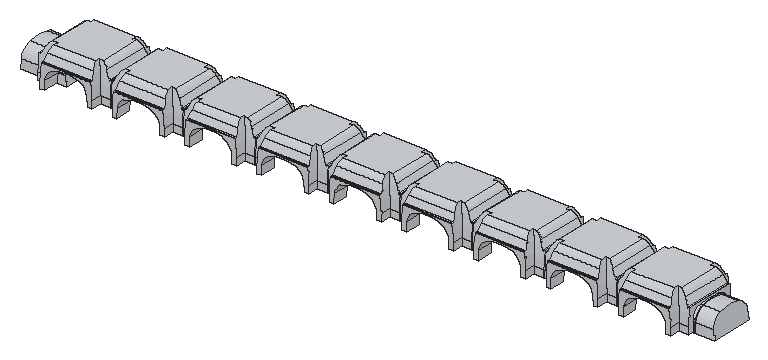
Revit family "LineaSingola_Assieme Modulblock H13-40", category Modelli generici, Revit 2016 (continued)
Definition of nested family "Geoblock Modulo H13-H70"
  Types (15, lengths in mm): name | Peso | Offset_inf | Larghezza_modulo | Largh_sup | L_modulo | L2_imballo | L1_imballo | Ingombro_Geoblock | H_modulo | H_imballo | Consumo_CLS | Codice
    EMOGBLO0017 - GEOBLOCK MODULO H17 | 0.68 kg | 87 | 500 | 290 | 320 | 120 | 110 | 0 | 170 | 190 | 0.00 m³ | "EMOGBLO0017"
    EMOGBLO0020 - GEOBLOCK MODULO H20 | 0.77 kg | 87 | 500 | 290 | 320 | 120 | 110 | 0 | 200 | 195 | 0.00 m³ | "EMOGBLO0020"
    EMOGBLO0025 - GEOBLOCK MODULO H25 | 0.99 kg | 87 | 500 | 290 | 320 | 120 | 110 | 0 | 250 | 195 | 0.00 m³ | "EMOGBLO0025"
    EMOGBLO0027 - GEOBLOCK MODULO H27 | 1.10 kg | 87 | 500 | 290 | 320 | 120 | 115 | 0 | 270 | 200 | 0.00 m³ | "EMOGBLO0027"
    EMOGBLO0030 - GEOBLOCK MODULO H30 | 1.19 kg | 87 | 500 | 290 | 320 | 120 | 115 | 0 | 300 | 200 | 0.00 m³ | "EMOGBLO0030"
    EMOGBLO0035 - GEOBLOCK MODULO H35 | 1.43 kg | 87 | 500 | 290 | 320 | 120 | 115 | 0 | 350 | 210 | 0.00 m³ | "EMOGBLO0035"
    EMOGBLO0040 - GEOBLOCK MODULO H40 | 1.54 kg | 87 | 500 | 290 | 320 | 130 | 120 | 0 | 400 | 210 | 0.00 m³ | "EMOGBLO0040"
    EMOGBLO0045 - GEOBLOCK MODULO H45 | 2.62 kg | 100 | 710 | 330 | 460 | 120 | 100 | 0 | 450 | 220 | 0.00 m³ | "EMOGBLO0045"
    EMOGBLO0050 - GEOBLOCK MODULO H50 | 2.86 kg | 87 | 710 | 330 | 460 | 120 | 100 | 0 | 500 | 225 | 0.00 m³ | "EMOGBLO0050"
    EMOGBLO0055 - GEOBLOCK MODULO H55 | 3.56 kg | 87 | 710 | 330 | 460 | 120 | 106 | 0 | 550 | 230 | 0.00 m³ | "EMOGBLO0055"
    EMOGBLO0060 - GEOBLOCK MODULO H60 | 3.64 kg | 87 | 710 | 330 | 460 | 120 | 106 | 0 | 600 | 240 | 0.00 m³ | "EMOGBLO0060"
    EMOGBLO0065 - GEOBLOCK MODULO H65 | 4.07 kg | 87 | 710 | 330 | 460 | 120 | 110 | 0 | 650 | 240 | 0.00 m³ | "EMOGBLO0065"
    EMOGBLO0070 - GEOBLOCK MODULO H70 | 4.18 kg | 87 | 710 | 330 | 460 | 120 | 110 | 15 | 700 | 245 | 0.0037275 m³ | "EMOGBLO0070"
  Reference planes
    plane 1 "Centro (Fronte/Retro)": y = 0
    plane 2: z = 0
    plane 3 "Centro (Sinistra/Destra)": x = 0
    plane 4: x = -230
    plane 5: y = 355
    plane 6: x = 230
    plane 7: y = -355
    plane 8 "Top": z = 700
    plane 9: z = 515
    plane 10: z = 610
    plane 11: z = 595
    plane 12: y = -165
    plane 13: y = -93
    plane 14: y = 93
    plane 15: y = 165
    plane 16: y = -268
    plane 17: y = 268
    plane 18: z = 250
    plane 19: z = -100
    plane 20: z = -750
  Forms (mm)
    Extrusion 1, solid
      sketch origin (0, 0, 0) x (0, 1, 0) y (0, 0, 1)
        loop
          line (-165, 515) -> (-268, -100) -> (268, -100) -> (165, 515)
          arc (165, 515) -> (139.675, 564.608) -> (93, 595) r 108
          arc (93, 595) -> (0, 609.835) -> (-93, 595) r 298.926
          arc (-93, 595) -> (-139.675, 564.608) -> (-165, 515) r 108
      from -230 to 230
    Extrusion 2, void
      sketch origin (0, 0, 0) x (1, 0, 0) y (0, 0, 1)
        loop
          line (168.758, 700) -> (230, 0) -> (230, 700) -> (168.758, 700)
      from -355 to 355
    Extrusion 3, void
      sketch origin (0, 0, 0) x (-1, 0, 0) y (0, 0, -1)
        loop
          line (168.758, -700) -> (230, -700) -> (230, 0) -> (168.758, -700)
      from -355 to 355
    Extrusion 4, void
      sketch origin (0, 0, 0) x (0, 1, 0) y (0, 0, 1)
        loop
          line (-355, 0) -> (-355, -750) -> (355, -750) -> (355, 0) -> (-355, 0)
      from -230 to 230
  Cuts and joins
    Extrusion 2, Extrusion 3, Extrusion 4 cuts Extrusion 1
  Dimensions and locks
    equal spacing: plane 5, plane 1 "Centro (Fronte/Retro)", plane 7
    equal spacing: plane 4, plane 3 "Centro (Sinistra/Destra)", plane 6
    "L_modulo": plane 4 to plane 6
    locked: plane 8 "Top" to plane 9 at 185
    locked: plane 10 to plane 9 at 95
    locked: plane 11 to plane 9 at 80
    equal spacing: plane 12, plane 1 "Centro (Fronte/Retro)", plane 15
    locked: plane 14 to plane 15 at 72
    locked: plane 12 to plane 13 at 72
    "Offset_inf": plane 7 to plane 16
    "Offset_inf": plane 17 to plane 5
    "H_modulo": plane 8 "Top" to level
    locked: plane 10 to plane 19 at 710
    locked: level to plane 20 at 750
    "Largh_sup": plane 12 to plane 15
    "Larghezza_modulo": plane 7 to plane 5
    radius of Extrusion 1 sketch curve = 298.926 mm
    locked: Extrusion 2 sketch curve to Extrusion 1 (angle 85.00°)
    locked: level to Extrusion 3 sketch curve (angle 85.00°)
    aligned and locked: level to plane 2
    aligned and locked: plane 12 to Extrusion 1 sketch curve
    aligned and locked: plane 9 to Extrusion 1 sketch curve  (x2)
    aligned and locked: plane 13 to Extrusion 1 sketch curve
    aligned and locked: plane 11 to Extrusion 1 sketch curve  (x2)
    aligned and locked: plane 14 to Extrusion 1 sketch curve
    aligned and locked: plane 15 to Extrusion 1 sketch curve
    aligned and locked: plane 17 to Extrusion 1 sketch curve
    aligned and locked: plane 16 to Extrusion 1 sketch curve
    aligned and locked: Extrusion 1 sketch curve to plane 19
    aligned and locked: Extrusion 2 sketch curve to plane 8 "Top"
    aligned and locked: Extrusion 2 sketch curve to plane 6
    aligned and locked: Extrusion 2 to plane 7
    aligned and locked: plane 5 to Extrusion 2
    aligned and locked: plane 8 "Top" to Extrusion 3 sketch curve
    aligned and locked: Extrusion 3 sketch curve to plane 4
    aligned and locked: level to Extrusion 3 sketch curve
    aligned and locked: level to Extrusion 2 sketch curve
    aligned and locked: plane 6 to Extrusion 1
    aligned and locked: Extrusion 1 to plane 4
    aligned and locked: Extrusion 4 sketch curve to level
    aligned and locked: Extrusion 4 sketch curve to plane 7
    aligned and locked: plane 20 to Extrusion 4 sketch curve
    aligned and locked: Extrusion 4 sketch curve to plane 5
    aligned and locked: Extrusion 4 to plane 4
    aligned and locked: plane 6 to Extrusion 4
  Automatic sketch dimensions
    Extrusion 1 sketch curve to plane 11 = 0 mm  (x2)
Definition of nested family "Fermagetto_Modulo"
  Parameters (values of type "EMOFGET0040 - FERMAGETTO MODULO H40")
    Peso = 0.00 kg
    L_modulo = 500 mm  # constant formula
    L2_imballo = 0 mm
    L1_imballo = 0 mm
    H_modulo = 400 mm
    H_imballo = 0 mm
    Descrizione_listino = ""
    Codice = "EMOFGET0040"
  Types (9, lengths in mm): name | H_modulo | Codice
    EMOFGET0013 - FERMAGETTO MODULO H13 | 130 | "EMOFGET0013"
    EMOFGET0015 - FERMAGETTO MODULO H15 | 150 | "EMOFGET0015"
    EMOFGET0017 - FERMAGETTO MODULO H17 | 170 | "EMOFGET0017"
    EMOFGET0020 - FERMAGETTO MODULO H20 | 200 | "EMOFGET0020"
    EMOFGET0025 - FERMAGETTO MODULO H25 | 250 | "EMOFGET0025"
    EMOFGET0027 - FERMAGETTO MODULO H27 | 270 | "EMOFGET0027"
    EMOFGET0030 - FERMAGETTO MODULO H30 | 300 | "EMOFGET0030"
    EMOFGET0035 - FERMAGETTO MODULO H35 | 350 | "EMOFGET0035"
    EMOFGET0040 - FERMAGETTO MODULO H40 | 400 | "EMOFGET0040"
  Reference planes
    plane 1 "Centro (Fronte/Retro)": y = 0
    plane 2: z = 0
    plane 3 "Centro (Sinistra/Destra)": x = 0
    plane 4: x = -250
    plane 5: y = 15
    plane 6: x = 250
    plane 7: y = -15
    plane 8 "Top": z = 400
    plane 9: z = 215
    plane 10: x = -145
    plane 11: x = 145
    plane 12: z = 310
    plane 13: x = -73
    plane 14: x = 73
    plane 15: z = 295
    plane 16: x = -163
    plane 17: x = 163
    plane 18: z = 200
    plane 19: z = -400
  Forms (mm)
    Extrusion 1, solid
      sketch origin (0, 0, 0) x (1, 0, 0) y (0, 0, 1)
        loop
          line (-145, 215) -> (-163, -400) -> (163, -400) -> (145, 215)
          arc (145, 215) -> (121.183, 265.964) -> (73, 295) r 96.542
          arc (73, 295) -> (0, 304.051) -> (-73, 295) r 298.926
          arc (-73, 295) -> (-121.183, 265.964) -> (-145, 215) r 96.542
      from -15 to 15
    Extrusion 2, void
      sketch origin (0, 0, 0) x (1, 0, 0) y (0, 0, 1)
        loop
          line (-250, 0) -> (-250, -800) -> (250, -800) -> (250, 0) -> (-250, 0)
      from -15 to 15
  Cuts and joins
    Extrusion 2 cuts Extrusion 1
  Dimensions and locks
    equal spacing: plane 4, plane 3 "Centro (Sinistra/Destra)", plane 6
    "H_modulo": plane 8 "Top" to level
    "L_modulo": plane 4 to plane 6
    locked: plane 8 "Top" to plane 9 at 185
    plane 11 to plane 3 "Centro (Sinistra/Destra)" to plane 10 = 145 mm locked, 145 mm locked
    locked: plane 12 to plane 9 at 95
    locked: plane 13 to plane 10 at 72
    locked: plane 11 to plane 14 at 72
    locked: plane 15 to plane 9 at 80
    locked: plane 16 to plane 4 at 87
    locked: plane 6 to plane 17 at 87
    locked: plane 12 to plane 19 at 710
    plane 5 to plane 1 "Centro (Fronte/Retro)" to plane 7 = 15 mm locked, 15 mm locked
    locked: Extrusion 2 sketch curve to Extrusion 2 sketch curve at 800
    radius of Extrusion 1 sketch curve = 298.926 mm
    aligned and locked: level to plane 2
    aligned and locked: plane 10 to Extrusion 1 sketch curve
    aligned and locked: plane 9 to Extrusion 1 sketch curve  (x2)
    aligned and locked: plane 11 to Extrusion 1 sketch curve
    aligned and locked: Extrusion 1 sketch curve to plane 14
    aligned and locked: plane 15 to Extrusion 1 sketch curve  (x2)
    aligned and locked: plane 13 to Extrusion 1 sketch curve
    aligned and locked: plane 5 to Extrusion 1
    aligned and locked: Extrusion 1 to plane 7
    aligned and locked: plane 19 to Extrusion 1 sketch curve  (x2)
    aligned and locked: plane 16 to Extrusion 1 sketch curve
    aligned and locked: plane 17 to Extrusion 1 sketch curve
    aligned and locked: Extrusion 2 sketch curve to level
    aligned and locked: Extrusion 2 sketch curve to plane 4
    aligned and locked: Extrusion 2 sketch curve to plane 6
    aligned and locked: plane 5 to Extrusion 2
    aligned and locked: Extrusion 2 to plane 7
  Automatic sketch dimensions
    plane 13 to Extrusion 1 sketch curve = 0 mm
    plane 14 to Extrusion 1 sketch curve = 0 mm
Types (10, lengths in mm): name | Tipo_modulo | Tipo_geoblock | Tipo_fermagetto | Partenza_Larghezza | N_moduli_Larghezza | Larghezza_Area | L_solo_moduli | H_modulo | Geoblock_partenza_Larghezza | Arrivo_Larghezza
  (no name) | Modulo H13-H40 : EMODULO5025 - MODULO H25 | Geoblock Modulo H13-H70 : EMOGBLO0025 - GEOBLOCK MODULO H25 | Fermagetto_Modulo : EMOFGET0025 - FERMAGETTO MODULO H25 | 150 | 9 | 4800 | 4500 | 500 | yes | 300
  MODULO H20 | Modulo H13-H40 : EMODULO5020 - MODULO H20 | Geoblock Modulo H13-H70 : EMOGBLO0020 - GEOBLOCK MODULO H20 | Fermagetto_Modulo : EMOFGET0020 - FERMAGETTO MODULO H20 | 150 | 8 | 4300 | 4000 | 450 | yes | 300
  MODULO H25 | Modulo H13-H40 : EMODULO5025 - MODULO H25 | Geoblock Modulo H13-H70 : EMOGBLO0025 - GEOBLOCK MODULO H25 | Fermagetto_Modulo : EMOFGET0025 - FERMAGETTO MODULO H25 | 150 | 9 | 4800 | 4500 | 500 | yes | 300
  MODULO H27 | Modulo H13-H40 : EMODULO5027 - MODULO H27 | Geoblock Modulo H13-H70 : EMOGBLO0027 - GEOBLOCK MODULO H27 | Fermagetto_Modulo : EMOFGET0027 - FERMAGETTO MODULO H27 | 200 | 7 | 3900 | 3500 | 550 | yes | 400
  MODULO H30 | Modulo H13-H40 : EMODULO5030 - MODULO H30 | Geoblock Modulo H13-H70 : EMOGBLO0030 - GEOBLOCK MODULO H30 | Fermagetto_Modulo : EMOFGET0030 - FERMAGETTO MODULO H30 | 0 | 8 | 4200 | 4000 | 600 | no | 200
  MODULO H40 | Modulo H13-H40 : EMODULO5040 - MODULO H40 | Geoblock Modulo H13-H70 : EMOGBLO0040 - GEOBLOCK MODULO H40 | Fermagetto_Modulo : EMOFGET0040 - FERMAGETTO MODULO H40 | 0 | 9 | 4700 | 4500 | 700 | no | 200
  MODULO H35 | Modulo H13-H40 : EMODULO5035 - MODULO H35 | Geoblock Modulo H13-H70 : EMOGBLO0035 - GEOBLOCK MODULO H35 | Fermagetto_Modulo : EMOFGET0035 - FERMAGETTO MODULO H35 | 200 | 8 | 4400 | 4000 | 650 | yes | 400
  MODULO H17 | Modulo H13-H40 : EMODULO5017 - MODULO H17 | Geoblock Modulo H13-H70 : EMOGBLO0017 - GEOBLOCK MODULO H17 | Fermagetto_Modulo : EMOFGET0017 - FERMAGETTO MODULO H17 | 0 | 8 | 4200 | 4000 | 450 | no | 200
  MODULO H15 | Modulo H13-H40 : EMODULO5015 - MODULO H15 | Geoblock Modulo H13-H70 : EMOGBLO0015 - GEOBLOCK MODULO H15 | Fermagetto_Modulo : EMOFGET0015 - FERMAGETTO MODULO H15 | 0 | 8 | 4200 | 4000 | 450 | no | 200
  MODULO H13 | Modulo H13-H40 : EMODULO5013 - MODULO H13 | Geoblock Modulo H13-H70 : EMOGBLO0013 - GEOBLOCK MODULO H13 | Fermagetto_Modulo : EMOFGET0013 - FERMAGETTO MODULO H13 | 0 | 8 | 4200 | 4000 | 450 | no | 200
